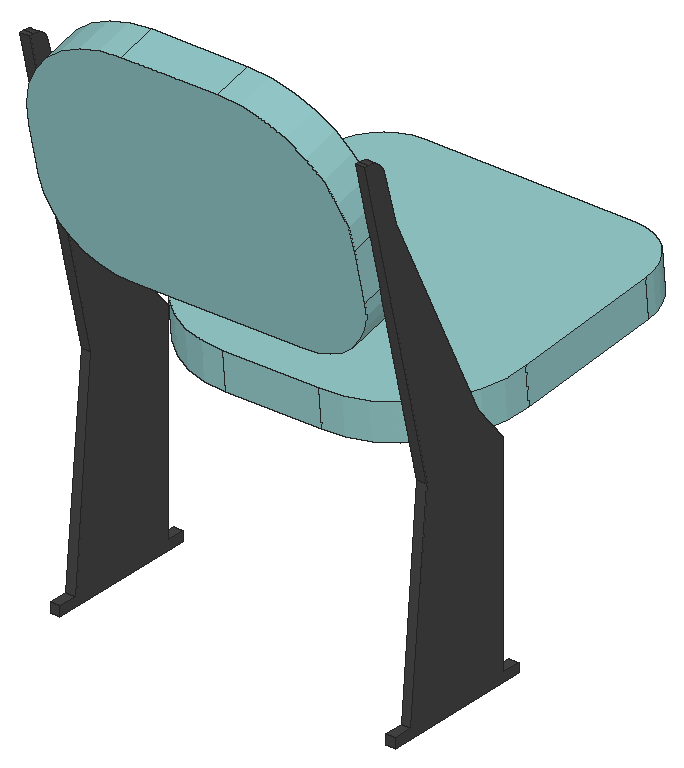
Revit family
Parameters (values of type "Chair - Auditorium")
  Material Seat = Textile - Linen, Smooth
  Material Frame = Metal - Paint Finish - Dark Gray, Matte
  Keynote = "N"
  Assembly Code = ""
Reference planes
  plane 1 "Center (Front/Back)": y = 189.875
  plane 2: z = 0
  plane 3 "Center (Left/Right)": x = 160.728
  plane 4: x = 389.328
  plane 5: x = -67.872
  plane 6: y = -114.925
  plane 7: y = 494.675
  plane 8: z = 762
  plane 9: z = 444.5
  plane 10: y = -13.325
  plane 11: y = -64.125
  plane 12: z = 711.2
  plane 13: z = 292.1
  plane 14: z = 342.9
  plane 15: y = 37.475
  plane 16: z = 622.3
  plane 17: z = 711.2
  plane 18: y = -64.331
  plane 19: z = 292.1
  plane 20: through (0, 102.389, 24.872) normal (0, 0.9717, 0.2361)
  plane 21: through (0, -24.112, 275.601) normal (0, 0.0872, -0.9962)
  plane 22: y = 443.875
  plane 23: x = 325.828
  plane 24: x = -4.372
Forms (mm)
  Extrusion 1, solid, material "Metal - Paint Finish - Dark Gray, Matte" <- "Material Frame"
    sketch origin (389.328, 0, 0) x (0, -1, 0) y (0, 0, 1)
      loop
        line (13.325, 0) -> (13.325, 12.7) -> (-12.075, 12.7) -> (-37.475, 292.1) -> (64.125, 711.2) -> (57.884, 711.2)
        arc (57.884, 711.2) -> (42.588, 706.078) -> (33.461, 692.778) r 25.4
        line (33.461, 692.778) -> (13.325, 622.3) -> (-121.849, 342.9) -> (-164.475, 292.1) -> (-164.475, 12.7) -> (-189.875, 12.7) -> (-189.875, 0) -> (13.325, 0)
    from 0 to 12.7
  Extrusion 2, solid, material "Metal - Paint Finish - Dark Gray, Matte" <- "Material Frame"
    sketch origin (-67.872, 0, 0) x (0, -1, 0) y (0, 0, 1)
      loop
        line (-189.875, 0) -> (13.325, 0) -> (13.325, 12.7) -> (-12.075, 12.7) -> (-37.475, 292.1) -> (64.125, 711.2) -> (57.884, 711.2)
        arc (57.884, 711.2) -> (42.588, 706.078) -> (33.461, 692.778) r 25.4
        line (33.461, 692.778) -> (13.325, 622.3) -> (-121.849, 342.9) -> (-164.475, 292.1) -> (-164.475, 12.7) -> (-189.875, 12.7) -> (-189.875, 0)
    from 0 to -12.7
  Extrusion 3, solid, material "Textile - Linen, Smooth"
    sketch origin (0, -24.112, 275.601) x (0, 0.996195, 0.087156) y (1, 0, 0)
      loop
        line (523.629, 21.028) -> (523.629, 300.428)
        arc (523.629, 300.428) -> (501.311, 354.309) -> (447.429, 376.628) r 76.2
        line (447.429, 376.628) -> (247.217, 376.628)
        arc (247.217, 376.628) -> (139.454, 331.991) -> (94.817, 224.228) r 152.4
        line (94.817, 224.228) -> (94.817, 97.228)
        arc (94.817, 97.228) -> (139.454, -10.535) -> (247.217, -55.172) r 152.4
        line (247.217, -55.172) -> (447.429, -55.172)
        arc (447.429, -55.172) -> (501.311, -32.854) -> (523.629, 21.028) r 76.2
    from 0 to -50.8
  Extrusion 4, solid, material "Textile - Linen, Smooth" <- "Material Seat"
    sketch origin (0, 102.389, 24.872) x (0, -0.236052, 0.97174) y (1, 0, 0)
      loop
        line (758.507, 97.228) -> (758.507, 224.228)
        arc (758.507, 224.228) -> (713.87, 331.991) -> (606.107, 376.628) r 152.4
        line (606.107, 376.628) -> (534.448, 376.628)
        arc (534.448, 376.628) -> (462.606, 346.87) -> (432.848, 275.028) r 101.6
        line (432.848, 275.028) -> (432.848, 46.428)
        arc (432.848, 46.428) -> (462.606, -25.414) -> (534.448, -55.172) r 101.6
        line (534.448, -55.172) -> (606.107, -55.172)
        arc (606.107, -55.172) -> (713.87, -10.535) -> (758.507, 97.228) r 152.4
    from -25.4 to 25.4
Lines and regions (mm)
  Masking region 1
    outline origin (0, 0, 0) x (1, 0, 0) y (0, 1, 0)
      loop
        arc (21.028, 497.525) -> (-32.854, 475.206) -> (-55.172, 421.325) r 76.2
        line (-55.172, 421.325) -> (-55.172, 215.275)
        arc (-55.172, 215.275) -> (-10.535, 107.512) -> (97.228, 62.875) r 152.4
        line (97.228, 62.875) -> (224.228, 62.875)
        arc (224.228, 62.875) -> (331.991, 107.512) -> (376.628, 215.275) r 152.4
        line (376.628, 215.275) -> (376.628, 421.325)
        arc (376.628, 421.325) -> (354.309, 475.206) -> (300.428, 497.525) r 76.2
        line (300.428, 497.525) -> (21.028, 497.525)
      loop
        arc (-4.372, 24.897) -> (-31.313, 13.738) -> (-42.472, -13.203) r 38.1
        line (-42.472, -13.203) -> (-42.472, -26.231)
        arc (-42.472, -26.231) -> (-31.313, -53.172) -> (-4.372, -64.331) r 38.1
        line (-4.372, -64.331) -> (325.828, -64.331)
        arc (325.828, -64.331) -> (352.769, -53.172) -> (363.928, -26.231) r 38.1
        line (363.928, -26.231) -> (363.928, -13.203)
        arc (363.928, -13.203) -> (352.769, 13.738) -> (325.828, 24.897) r 38.1
        line (325.828, 24.897) -> (-4.372, 24.897)
  symbolic lines
    curve 1: line (21.028, 497.525, 0) -> (300.428, 497.525, 0)
    curve 2: line (-55.172, 421.325, 0) -> (-55.172, 215.275, 0)
    curve 3: line (97.228, 62.875, 0) -> (224.228, 62.875, 0)
    curve 4: line (376.628, 421.325, 0) -> (376.628, 215.275, 0)
    curve 5: arc (21.028, 497.525, 0) -> (-32.854, 475.206, 0) -> (-55.172, 421.325, 0) r 76.2
    curve 6: arc (300.428, 497.525, 0) -> (354.309, 475.206, 0) -> (376.628, 421.325, 0) r 76.2
    curve 7: arc (376.628, 215.275, 0) -> (331.991, 107.512, 0) -> (224.228, 62.875, 0) r 152.4
    curve 8: arc (97.228, 62.875, 0) -> (-10.535, 107.512, 0) -> (-55.172, 215.275, 0) r 152.4
    curve 9: line (389.328, 189.875, 0) -> (376.628, 189.875, 0)
    curve 10: line (389.328, 189.875, 0) -> (389.328, -64.125, 0)
    curve 11: line (389.328, -64.125, 0) -> (376.628, -64.125, 0)
    curve 12: line (376.628, 189.875, 0) -> (376.628, -64.125, 0)
    curve 13: line (-67.872, -64.125, 0) -> (-53.041, -64.125, 0)
    curve 14: line (-67.872, -64.125, 0) -> (-67.872, 189.875, 0)
    curve 15: line (-67.872, 189.875, 0) -> (-53.041, 189.875, 0)
    curve 16: line (-53.041, -64.125, 0) -> (-53.041, 189.875, 0)
    curve 17: line (-4.372, 24.897, 0) -> (325.828, 24.897, 0)
    curve 18: line (-42.472, -13.203, 0) -> (-42.472, -26.231, 0)
    curve 19: line (-4.372, -64.331, 0) -> (325.828, -64.331, 0)
    curve 20: line (363.928, -13.203, 0) -> (363.928, -26.231, 0)
    curve 21: arc (325.828, 24.897, 0) -> (352.769, 13.738, 0) -> (363.928, -13.203, 0) r 38.1
    curve 22: arc (363.928, -26.231, 0) -> (352.769, -53.172, 0) -> (325.828, -64.331, 0) r 38.1
    curve 23: arc (-4.372, 24.897, 0) -> (-31.313, 13.738, 0) -> (-42.472, -13.203, 0) r 38.1
    curve 24: arc (-42.472, -26.231, 0) -> (-31.313, -53.172, 0) -> (-4.372, -64.331, 0) r 38.1
Dimensions and locks
  equal spacing: plane 5, plane 3 "Center (Left/Right)", plane 4
  equal spacing: plane 6, plane 1 "Center (Front/Back)", plane 7
  locked: plane 5 to plane 4 at 457.2
  locked: plane 6 to plane 7 at 609.6
  aligned: Masking region 1 sketch curve to curve 17
  aligned: Masking region 1 sketch curve to curve 21
  aligned: Masking region 1 sketch curve to curve 20
  aligned: Masking region 1 sketch curve to curve 22
  aligned: Masking region 1 sketch curve to curve 19
  aligned: Masking region 1 sketch curve to curve 24
  aligned: Masking region 1 sketch curve to curve 18
  aligned: Masking region 1 sketch curve to curve 23
Automatic sketch dimensions
  Masking region 1 sketch curve to plane 5 = 12.70 mm
  plane 22 to Masking region 1 sketch curve = 22.551 mm  (x2)
  Masking region 1 sketch curve to Masking region 1 sketch curve = 76.20 mm
  plane 3 "Center (Left/Right)" to Masking region 1 sketch curve = 63.50 mm
  Masking region 1 sketch curve to plane 1 "Center (Front/Back)" = 25.40 mm
  Masking region 1 sketch curve to plane 3 "Center (Left/Right)" = 63.50 mm
  plane 4 to Masking region 1 sketch curve = 12.70 mm
  Masking region 1 sketch curve to plane 18 = 0.00 mm
  Masking region 1 sketch curve to plane 10 = 12.906 mm
  Masking region 1 sketch curve to plane 5 = 25.40 mm
  plane 10 to Masking region 1 sketch curve = 0.122 mm  (x2)
  Masking region 1 sketch curve to Masking region 1 sketch curve = 0.00 mm  (x2)
  plane 4 to Masking region 1 sketch curve = 25.40 mm
